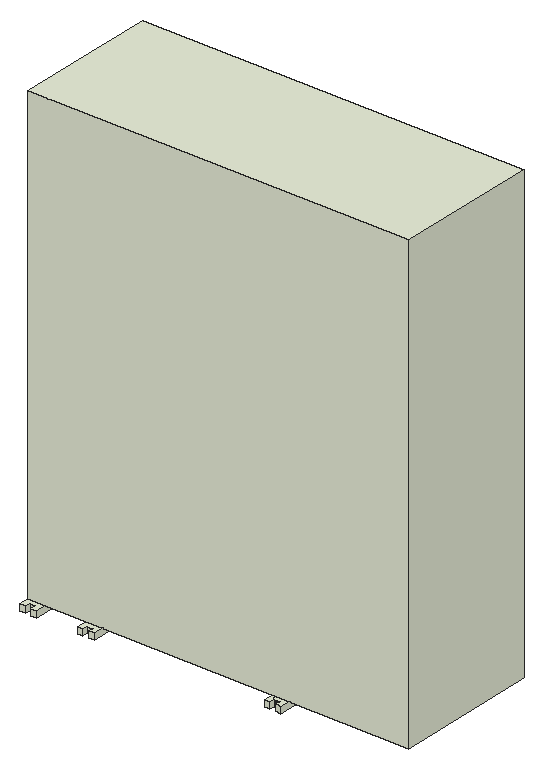
Revit family "Midea_V4+I_Outdoor_MDV-V400W_DRN1(DC50Hz)", category Mechanical Equipment, Revit 2013
Parameters (values of type "MDV-V400W/DRN1")
  clearance access right = 400.000 mm
  clearance access left = 600.000 mm
  clearance access front = 400.000 mm
  clearance access behind = 400.000 mm
  clearance [instance] = no
  Width = 1360.000 mm
  URL = "http://cac.midea.com/mideacac/product/VRF_System/v4_plus_individual_type/201506/t20150610_180809.shtml"
  Series = "V4 Plus"
  Power supply = "380-415V 3N~50Hz"
  Net Weight = 240.00 kg
  Model = "MDV-V400W/DRN1"
  Manufacturer = "Midea"
  Machine material = Galvanized Steel
  Casing color = SB2014
  MFA (Maximum Fuse Amps) = 60 A
  Liquid pipe = 12.700 mm
  Installation = "outdoor installation"
  Height = 1650.000 mm
  Heating Power Input = 11.1 kW
  Heating Capacity = 45 kW
  Gas pipe = 22.200 mm
  MCA (Minimum Circuit Amps) = 42.5 A
  Gas = "R410a"
  Description = "High efficiency air cooled"
  Depth = 540.000 mm
  Cooling Power Input = 11.9 kW
  Cooling Capacity = 45 kW
  Condensation = "air"
  Compressor = "2"
  Air Flow = 16575.000 m³/h
Reference planes
  plane 1 "中心(前/后)": y = 0
  plane 2: z = 0
  plane 3: x = -222
  plane 4: y = -200
  plane 5: y = 214
  plane 6: x = -599.5
  plane 7: x = 760.5
Forms (mm)
  Extrusion 1, solid, material "Galvanized Steel" <- "Machine material", detail levels medium+fine
    sketch origin (0, 8.2, 0) x (1, 0, 0) y (0, 1, 0)
      loop
        line (-599.5, 0) -> (-599.5, -322.2) -> (760.5, -322.2) -> (760.5, 191.8) -> (-599.5, 191.8) -> (-599.5, 0)
    from 22 to 1650
  Extrusion 2, void
    sketch origin (0, 0, 116.036) x (0, 1, 0) y (0, 0, 1)
      loop
        circle (-159.19, 448.964) r 15
    from -294.069 to -246.534
  Extrusion 3, void
    sketch origin (0, 334.19, 121.386) x (0, 1, 0) y (0, 0, 1)
      loop
        circle (-173.453, 443.614) r 15
    from -391.559 to -333.913
  Extrusion 4, solid, material "Galvanized Steel" <- "Machine material", detail levels medium+fine
    sketch origin (-868.7, -45.795, 165.026) x (0, 0, 1) y (-1, 0, 0)
      loop
        line (-143.026, -475) -> (-165.026, -475) -> (-165.026, -535) -> (-143.026, -535) -> (-143.026, -475)
    from -309.795 to 304.205
  Extrusion 5, void
    sketch origin (-868.7, 0, 0) x (0, 1, 0) y (1, 0, 0)
      loop
        line (270, 495) -> (270, 515) -> (247, 515) -> (247, 495) -> (270, 495)
    from -44.461 to 34
  Extrusion 6, void
    sketch origin (-868.7, 0, 0) x (0, 1, 0) y (1, 0, 0)
      loop
        line (-350, 495) -> (-332.084, 495) -> (-332.084, 515) -> (-350, 515) -> (-350, 495)
    from -44.461 to 34
  Extrusion 7, solid, material "Galvanized Steel" <- "Machine material", detail levels fine
    sketch origin (4267.2, 225, 1530.88) x (0, 0, -1) y (-1, 0, 0)
      loop
        line (627.963, 4348.7) -> (28.88, 4348.7) -> (28.88, 3775.7) -> (627.963, 3775.7) -> (627.963, 4348.7)
    from -25 to -11
  Extrusion 8, solid, material "Galvanized Steel" <- "Machine material", detail levels medium+fine
    sketch origin (-1074.5, -45.795, 165.026) x (0, 0, 1) y (-1, 0, 0)
      loop
        line (-143.026, -475) -> (-165.026, -475) -> (-165.026, -535) -> (-143.026, -535) -> (-143.026, -475)
    from -309.795 to 304.205
  Extrusion 9, void
    sketch origin (-1074.5, 0, 0) x (0, 1, 0) y (1, 0, 0)
      loop
        line (270, 495) -> (270, 515) -> (247, 515) -> (247, 495) -> (270, 495)
    from -44.461 to 34
  Extrusion 10, void
    sketch origin (-1074.5, 0, 0) x (0, 1, 0) y (1, 0, 0)
      loop
        line (-350, 495) -> (-332.084, 495) -> (-332.084, 515) -> (-350, 515) -> (-350, 495)
    from -44.461 to 34
  Extrusion 11, solid, material "Galvanized Steel" <- "Machine material", detail levels fine
    sketch origin (4267.2, 225, 141.12) x (0, 0, 1) y (1, 0, 0)
      loop
        line (1360.88, -4402.2) -> (-77.12, -4402.2) -> (-77.12, -4630.9) -> (72.88, -4630.9) -> (72.88, -4831.92) -> (1360.88, -4831.92) -> (1360.88, -4402.2)
    from -25 to -11
  Extrusion 12, void
    sketch origin (121.179, 250, 1200) x (-1, 0, 0) y (0, 0, 1)
      loop
        line (515.593, -452.375) -> (515.593, -517.121) -> (630.338, -517.121) -> (630.338, -452.375) -> (515.593, -452.375)
    from -50 to 88.894
  Extrusion 13, solid, material "Galvanized Steel" <- "Machine material", detail levels medium+fine
    sketch origin (809.3, -45.795, 165.026) x (0, 0, 1) y (-1, 0, 0)
      loop
        line (-143.026, 475) -> (-143.026, 535) -> (-165.026, 535) -> (-165.026, 475) -> (-143.026, 475)
    from -309.795 to 304.205
  Extrusion 14, void
    sketch origin (4621.5, -270, 989.604) x (0, 0, -1) y (-1, 0, 0)
      loop
        line (967.604, 4327.2) -> (967.604, 4307.2) -> (989.604, 4307.2) -> (989.604, 4327.2) -> (967.604, 4327.2)
    from -86.258 to -62.084
  Extrusion 15, void
    sketch origin (4252.7, -270, 989.604) x (0, 0, -1) y (-1, 0, 0)
      loop
        line (971.341, 4842.2) -> (971.341, 4802.2) -> (986.127, 4802.2) -> (986.127, 4842.2) -> (971.341, 4842.2)
    from 0 to 683.68
  Extrusion 16, void
    sketch origin (4621.5, -270, 989.604) x (0, 0, -1) y (-1, 0, 0)
      loop
        line (971.341, 4337.2) -> (971.341, 4297.2) -> (986.127, 4297.2) -> (986.127, 4337.2) -> (971.341, 4337.2)
    from -62.323 to 564.972
  Extrusion 17, void
    sketch origin (3398.5, -270, 989.604) x (0, 0, -1) y (-1, 0, 0)
      loop
        line (971.341, 3782.2) -> (971.341, 3742.2) -> (986.127, 3742.2) -> (986.127, 3782.2) -> (971.341, 3782.2)
    from 0 to 586.895
  Extrusion 18, solid, material "Galvanized Steel" <- "Machine material", detail levels fine
    sketch origin (4267.2, 225, 68.62) x (0, 0, 1) y (1, 0, 0)
      loop
        line (627.963, -4348.7) -> (627.963, -3775.7) -> (28.88, -3775.7) -> (28.88, -4348.7) -> (627.963, -4348.7)
    from -25 to -11
  Extrusion 19, void
    sketch origin (4621.5, 270, 989.604) x (0, 0, -1) y (1, 0, 0)
      loop
        line (967.604, -4327.2) -> (989.604, -4327.2) -> (989.604, -4307.2) -> (967.604, -4307.2) -> (967.604, -4327.2)
    from -33.404 to 23
  Extrusion 20, void
    sketch origin (0, -200, 22) x (0, 0, -1) y (-1, 0, 0)
      loop
        line (-725.625, 394.414) -> (-660.879, 394.414) -> (-660.879, 509.159) -> (-725.625, 509.159) -> (-725.625, 394.414)
    from -64 to 18.623
  Extrusion 21, solid, detail levels medium+fine
    sketch origin (-599.5, 0, 1558) x (0, 0, -1) y (0, 1, 0)
      loop
        circle (1398.461, -40) r 6.35
    from 0 to 34
  Extrusion 22, solid, detail levels medium+fine
    sketch origin (-599.5, 0, 1558) x (0, 0, -1) y (0, 1, 0)
      loop
        circle (1447.985, -40) r 11.1
    from 0 to 34
  Extrusion 23, solid, detail levels medium+fine
    sketch origin (-599.5, 41.781, 1607.793) x (0, 0, -1) y (0, 1, 0)
      loop
        circle (1447.985, -40) r 9.55
    from 0 to 34
Cuts and joins
  Extrusion 2, Extrusion 3, Extrusion 20 cuts Extrusion 1
  Extrusion 5, Extrusion 6, Extrusion 9, Extrusion 17 cuts Extrusion 4
  Extrusion 9, Extrusion 10, Extrusion 15 cuts Extrusion 8
  Extrusion 12 cuts Extrusion 11
  Extrusion 14, Extrusion 16, Extrusion 19 cuts Extrusion 13
Lines and regions (mm)
  symbolic lines, not visible
    curve 1: line (751.5, -283.6, 140) -> (631.5, -283.6, 140)
    curve 2: line (631.5, -283.6, 140) -> (631.5, -263.6, 140)
    curve 3: line (631.5, -263.6, 140) -> (589.074, -306.026, 140)
    curve 4: line (751.5, -328.453, 140) -> (631.5, -328.453, 140)
    curve 5: line (631.5, -328.453, 140) -> (631.5, -348.453, 140)
    curve 6: line (631.5, -348.453, 140) -> (589.074, -306.026, 140)
    curve 7: line (751.5, -283.6, 140) -> (751.5, -328.453, 140)
  model lines, detail levels fine
    curve 8: line (-599.5, 0, 518.191) -> (-599.5, 80, 518.191)
    curve 9: line (-599.5, 80, 518.191) -> (-599.5, 80, 218.191)
    curve 10: line (-599.5, 80, 218.191) -> (-599.5, -80, 218.191)
    curve 11: line (-599.5, -80, 218.191) -> (-599.5, -80, 518.191)
    curve 12: line (-599.5, -80, 518.191) -> (-599.5, 0, 518.191)
    curve 13: line (-599.5, -80, 498.191) -> (-599.5, 80, 498.191)
    curve 14: line (-599.5, -80, 478.191) -> (-599.5, 80, 478.191)
    curve 15: line (-599.5, -80, 458.191) -> (-599.5, 80, 458.191)
    curve 16: line (-599.5, -80, 438.191) -> (-599.5, 80, 438.191)
    curve 17: line (-599.5, -80, 418.191) -> (-599.5, 80, 418.191)
    curve 18: line (-599.5, -80, 398.191) -> (-599.5, 80, 398.191)
    curve 19: line (-599.5, -80, 378.191) -> (-599.5, 80, 378.191)
    curve 20: line (-599.5, -80, 358.191) -> (-599.5, 80, 358.191)
    curve 21: line (-599.5, -80, 338.191) -> (-599.5, 80, 338.191)
    curve 22: line (-599.5, -80, 318.191) -> (-599.5, 80, 318.191)
    curve 23: line (-599.5, -80, 298.191) -> (-599.5, 80, 298.191)
    curve 24: line (-599.5, -80, 278.191) -> (-599.5, 80, 278.191)
    curve 25: line (-599.5, -80, 258.191) -> (-599.5, 80, 258.191)
    curve 26: line (-599.5, -80, 238.191) -> (-599.5, 80, 238.191)
    curve 27: line (-599.5, -80, 218.191) -> (-599.5, 80, 218.191)
    curve 28: line (-599.5, 150.011, 180) -> (-599.5, 150.011, 64)
    curve 29: line (-599.5, 80, 180) -> (-599.5, 150.011, 180)
    curve 30: line (-599.5, 80, 64) -> (-599.5, 80, 180)
    curve 31: line (-599.5, 150.011, 64) -> (-599.5, 80, 64)
    curve 33: line (-438.5, 214, 1119.013) -> (-238.035, 214, 1003.275)
    curve 34: line (-455, 214, 1090.434) -> (-254.535, 214, 974.696)
    curve 35: arc (-455, 214, 1090.434) -> (-461.039, 214, 1112.974) -> (-438.5, 214, 1119.013) r 16.5
    curve 36: arc (-254.535, 214, 974.696) -> (-243.488, 214, 972.724) -> (-233.734, 214, 978.275) r 16.5
    curve 37: line (-233.734, 214, 978.275) -> (-194.247, 214, 955.477)
    curve 38: arc (-230.734, 214, 983.471) -> (-230.804, 214, 994.693) -> (-238.035, 214, 1003.275) r 16.5
    curve 39: line (-230.734, 214, 983.471) -> (-189.216, 214, 959.5)
    curve 40: circle (205, 214, 397) r 60 normal (0, -1, 0)
    curve 41: circle (205, 214, 397) r 80 normal (0, -1, 0)
    curve 42: circle (205, 214, 397) r 100 normal (0, -1, 0)
    curve 43: circle (205, 214, 397) r 120 normal (0, -1, 0)
    curve 44: circle (205, 214, 397) r 140 normal (0, -1, 0)
    curve 45: circle (205, 214, 397) r 160 normal (0, -1, 0)
    curve 46: circle (205, 214, 397) r 180 normal (0, -1, 0)
    curve 47: circle (205, 214, 397) r 200 normal (0, -1, 0)
    curve 48: circle (205, 214, 397) r 220 normal (0, -1, 0)
    curve 49: circle (205, 214, 397) r 240 normal (0, -1, 0)
    curve 50: circle (205, 214, 397) r 260 normal (0, -1, 0)
    curve 51: arc (271.982, 214, 125.13) -> (389.888, 214, 186.723) -> (466.063, 214, 295.777) r 280
    curve 52: arc (409.173, 214, 125.13) -> (439.478, 214, 150.789) -> (466.585, 214, 179.806) r 340
    curve 53: arc (156.323, 214, 432.079) -> (97.265, 214, 543.042) -> (113.864, 214, 667.641) r 205.533
    curve 54: arc (209.932, 214, 456.797) -> (249.977, 214, 572.528) -> (326.048, 214, 668.5) r 365
    curve 55: arc (240.079, 214, 445.677) -> (345.721, 214, 503.703) -> (465.73, 214, 492.524) r 205.533
    curve 56: arc (264.797, 214, 392.068) -> (374.078, 214, 355.477) -> (466.504, 214, 286.638) r 365
    curve 57: arc (169.921, 214, 348.323) -> (62.005, 214, 289.838) -> (-60, 214, 303.29) r 205.533
    curve 58: arc (145.203, 214, 401.932) -> (33.502, 214, 439.799) -> (-60.292, 214, 511.31) r 365
    curve 59: arc (332.623, 214, 125.5) -> (409.353, 214, 177.364) -> (466.607, 214, 250.161) r 300
    curve 60: arc (-60.433, 214, 184.526) -> (-31.461, 214, 152.692) -> (1.301, 214, 124.774) r 340
    curve 61: arc (-60.381, 214, 218.191) -> (-17.011, 214, 166.542) -> (36.22, 214, 125.13) r 320
    curve 62: arc (-60, 214, 256.376) -> (-3.218, 214, 181.025) -> (74.16, 214, 127.035) r 300
    curve 63: arc (0.335, 214, 668.5) -> (-31.296, 214, 641.467) -> (-59.388, 214, 610.773) r 340
    curve 64: arc (35.625, 214, 668.5) -> (-17.018, 214, 627.451) -> (-60, 214, 576.374) r 320
    curve 65: arc (77.377, 214, 668.5) -> (-1.638, 214, 614.487) -> (-59.62, 214, 538.338) r 300
    curve 66: arc (136.533, 214, 668.5) -> (14.771, 214, 602.458) -> (-60.434, 214, 486.132) r 280
    curve 67: arc (465.164, 214, 615.894) -> (438.898, 214, 643.762) -> (409.665, 214, 668.5) r 340
    curve 68: arc (466.063, 214, 582.057) -> (424.516, 214, 629.836) -> (374.375, 214, 668.5) r 320
    curve 69: arc (466.063, 214, 544.804) -> (408.947, 214, 617.013) -> (332.623, 214, 668.5) r 300
    curve 70: arc (466.063, 214, 498.223) -> (390.462, 214, 606.771) -> (273.467, 214, 668.5) r 280
    curve 71: arc (-60, 214, 306.584) -> (15.832, 214, 190.565) -> (138.018, 214, 125.13) r 280
    curve 72: arc (200.068, 214, 337.203) -> (160.117, 214, 221.642) -> (84.241, 214, 125.76) r 365
    curve 73: line (466.063, 214, 125.13) -> (-60, 214, 125.13)
    curve 74: line (-60, 214, 125.13) -> (-60, 214, 668.5)
    curve 75: arc (384.26, 214, 131.923) -> (428.767, 214, 168.246) -> (466.063, 214, 211.943) r 320
    curve 76: line (466.063, 214, 125.13) -> (466.063, 214, 668.5)
    curve 77: line (466.063, 214, 668.5) -> (-60, 214, 668.5)
    curve 78: arc (234.916, 214, 344.99) -> (292.286, 214, 242.391) -> (284.044, 214, 125.13) r 205.533
    curve 79: circle (205, 214, 1199.791) r 60 normal (0, 1, 0)
    curve 80: circle (205, 214, 1199.791) r 80 normal (0, 1, 0)
    curve 81: circle (205, 214, 1199.791) r 100 normal (0, 1, 0)
    curve 82: circle (205, 214, 1199.791) r 120 normal (0, 1, 0)
    curve 83: circle (205, 214, 1199.791) r 140 normal (0, 1, 0)
    curve 84: circle (205, 214, 1199.791) r 160 normal (0, 1, 0)
    curve 85: circle (205, 214, 1199.791) r 180 normal (0, 1, 0)
    curve 86: circle (205, 214, 1199.791) r 200 normal (0, 1, 0)
    curve 87: circle (205, 214, 1199.791) r 220 normal (0, 1, 0)
    curve 88: circle (205, 214, 1199.791) r 240 normal (0, 1, 0)
    curve 89: circle (205, 214, 1199.791) r 260 normal (0, 1, 0)
    curve 90: arc (271.982, 214, 1471.661) -> (389.888, 214, 1410.068) -> (466.063, 214, 1301.014) r 280
    curve 91: arc (409.173, 214, 1471.661) -> (439.478, 214, 1446.002) -> (466.585, 214, 1416.985) r 340
    curve 92: arc (156.323, 214, 1164.712) -> (97.265, 214, 1053.749) -> (113.864, 214, 929.15) r 205.533
    curve 93: arc (209.932, 214, 1139.994) -> (249.977, 214, 1024.263) -> (326.048, 214, 928.291) r 365
    curve 94: arc (240.079, 214, 1151.114) -> (345.721, 214, 1093.088) -> (465.73, 214, 1104.267) r 205.533
    curve 95: arc (264.797, 214, 1204.722) -> (374.078, 214, 1241.314) -> (466.504, 214, 1310.153) r 365
    curve 96: arc (169.921, 214, 1248.468) -> (62.005, 214, 1306.953) -> (-60, 214, 1293.501) r 205.533
    curve 97: arc (145.203, 214, 1194.859) -> (33.502, 214, 1156.992) -> (-60.292, 214, 1085.481) r 365
    curve 98: arc (332.623, 214, 1471.291) -> (409.353, 214, 1419.426) -> (466.607, 214, 1346.63) r 300
    curve 99: arc (-60.433, 214, 1412.265) -> (-31.461, 214, 1444.099) -> (1.301, 214, 1472.017) r 340
    curve 100: arc (-60.381, 214, 1378.6) -> (-17.011, 214, 1430.249) -> (36.22, 214, 1471.661) r 320
    curve 101: arc (-60, 214, 1340.415) -> (-3.218, 214, 1415.766) -> (74.16, 214, 1469.756) r 300
    curve 102: arc (0.335, 214, 928.291) -> (-31.296, 214, 955.324) -> (-59.388, 214, 986.018) r 340
    curve 103: arc (35.625, 214, 928.291) -> (-17.018, 214, 969.339) -> (-60, 214, 1020.417) r 320
    curve 104: arc (77.377, 214, 928.291) -> (-1.638, 214, 982.304) -> (-59.62, 214, 1058.453) r 300
    curve 105: arc (136.533, 214, 928.291) -> (14.771, 214, 994.333) -> (-60.434, 214, 1110.659) r 280
    curve 106: arc (465.164, 214, 980.897) -> (438.898, 214, 953.029) -> (409.665, 214, 928.291) r 340
    curve 107: arc (466.063, 214, 1014.734) -> (424.516, 214, 966.955) -> (374.375, 214, 928.291) r 320
    curve 108: arc (466.063, 214, 1051.987) -> (408.947, 214, 979.778) -> (332.623, 214, 928.291) r 300
    curve 109: arc (466.063, 214, 1098.568) -> (390.462, 214, 990.02) -> (273.467, 214, 928.291) r 280
    curve 110: arc (-60, 214, 1290.207) -> (15.832, 214, 1406.226) -> (138.018, 214, 1471.661) r 280
    curve 111: arc (200.068, 214, 1259.588) -> (160.117, 214, 1375.149) -> (84.241, 214, 1471.031) r 365
    curve 112: line (466.063, 214, 1471.661) -> (-60, 214, 1471.661)
    curve 113: line (-60, 214, 1471.661) -> (-60, 214, 928.291)
    curve 114: arc (384.26, 214, 1464.868) -> (428.767, 214, 1428.544) -> (466.063, 214, 1384.848) r 320
    curve 115: line (466.063, 214, 1471.661) -> (466.063, 214, 928.291)
    curve 116: line (466.063, 214, 928.291) -> (-60, 214, 928.291)
    curve 117: arc (234.916, 214, 1251.801) -> (292.286, 214, 1354.4) -> (284.044, 214, 1471.661) r 205.533
    curve 118: line (491.5, 200, 843.732) -> (346.5, 200, 843.732)
    curve 119: line (491.5, 200, 755.768) -> (491.5, 200, 843.732)
    curve 120: line (346.5, 200, 755.768) -> (491.5, 200, 755.768)
    curve 121: line (346.5, 200, 843.732) -> (346.5, 200, 755.768)
    curve 122: line (287.279, 200, 817.219) -> (-81.5, 200, 817.219)
    curve 123: line (287.279, 200, 782.281) -> (287.279, 200, 817.219)
    curve 124: line (-81.5, 200, 782.281) -> (287.279, 200, 782.281)
    curve 125: line (-81.5, 200, 817.219) -> (-81.5, 200, 782.281)
    curve 126: line (-438.5, 214, 1244.013) -> (-238.035, 214, 1128.275)
    curve 127: line (-455, 214, 1215.434) -> (-254.535, 214, 1099.696)
    curve 128: arc (-455, 214, 1215.434) -> (-461.039, 214, 1237.974) -> (-438.5, 214, 1244.013) r 16.5
    curve 129: line (-438.5, 214, 1369.013) -> (-238.035, 214, 1253.275)
    curve 130: line (-455, 214, 1340.434) -> (-254.535, 214, 1224.696)
    curve 131: arc (-455, 214, 1340.434) -> (-461.039, 214, 1362.974) -> (-438.5, 214, 1369.013) r 16.5
    curve 132: arc (-238.035, 214, 1253.275) -> (-231.996, 214, 1230.735) -> (-254.535, 214, 1224.696) r 16.5
    curve 133: arc (-238.035, 214, 1128.275) -> (-231.996, 214, 1105.735) -> (-254.535, 214, 1099.696) r 16.5
    curve 134: line (-438.5, 214, 480.487) -> (-238.035, 214, 596.225)
    curve 135: line (-455, 214, 509.066) -> (-254.535, 214, 624.804)
    curve 136: arc (-455, 214, 509.066) -> (-461.039, 214, 486.526) -> (-438.5, 214, 480.487) r 16.5
    curve 137: arc (-254.535, 214, 624.804) -> (-243.488, 214, 626.776) -> (-233.734, 214, 621.225) r 16.5
    curve 138: line (-233.734, 214, 621.225) -> (-194.247, 214, 644.023)
    curve 139: arc (-230.734, 214, 616.029) -> (-230.804, 214, 604.807) -> (-238.035, 214, 596.225) r 16.5
    curve 140: line (-230.734, 214, 616.029) -> (-189.216, 214, 640)
    curve 141: line (-438.5, 214, 355.487) -> (-238.035, 214, 471.225)
    curve 142: line (-455, 214, 384.066) -> (-254.535, 214, 499.804)
    curve 143: arc (-455, 214, 384.066) -> (-461.039, 214, 361.526) -> (-438.5, 214, 355.487) r 16.5
    curve 144: line (-438.5, 214, 230.487) -> (-238.035, 214, 346.225)
    curve 145: line (-455, 214, 259.066) -> (-254.535, 214, 374.804)
    curve 146: arc (-455, 214, 259.066) -> (-461.039, 214, 236.526) -> (-438.5, 214, 230.487) r 16.5
    curve 147: arc (-238.035, 214, 346.225) -> (-231.996, 214, 368.765) -> (-254.535, 214, 374.804) r 16.5
    curve 148: arc (-238.035, 214, 471.225) -> (-231.996, 214, 493.765) -> (-254.535, 214, 499.804) r 16.5
    curve 149: line (-194.247, 214, 955.477) -> (-194.247, 214, 644.023)
    curve 150: line (-189.216, 214, 959.5) -> (-189.216, 214, 640)
    curve 151: line (-599.5, 20, 929.15) -> (-599.5, 20, 1472.017)
    curve 152: line (-599.5, -20, 1472.017) -> (-599.5, -20, 929.15)
    curve 153: line (-599.5, 80, 929.15) -> (-599.5, 80, 1472.017)
    curve 154: line (-599.5, 40, 1472.017) -> (-599.5, 40, 929.15)
    curve 155: arc (-599.5, -20, 1472.017) -> (-599.5, 0, 1492.017) -> (-599.5, 20, 1472.017) r 20
    curve 156: arc (-599.5, 40, 1472.017) -> (-599.5, 60, 1492.017) -> (-599.5, 80, 1472.017) r 20
    curve 157: arc (-599.5, 40, 929.15) -> (-599.5, 60, 909.15) -> (-599.5, 80, 929.15) r 20
    curve 158: arc (-599.5, -20, 929.15) -> (-599.5, 0, 909.15) -> (-599.5, 20, 929.15) r 20
    curve 159: line (-599.5, -80, 929.15) -> (-599.5, -80, 1472.017)
    curve 160: line (-599.5, -40, 1472.017) -> (-599.5, -40, 929.15)
    curve 161: arc (-599.5, -40, 1472.017) -> (-599.5, -60, 1492.017) -> (-599.5, -80, 1472.017) r 20
    curve 162: arc (-599.5, -40, 929.15) -> (-599.5, -60, 909.15) -> (-599.5, -80, 929.15) r 20
  reference lines
    curve 32: line (-579.5, 250, 0) -> (-579.5, 247, 0)
  model lines
    curve 163: circle (-599.5, -40, 110.015) r 9.55 normal (1, 0, 0)
    curve 164: line (760.5, -314, 1650) -> (760.5, 200, 1650)
    curve 165: line (760.5, 200, 1650) -> (-599.5, 200, 1650)
    curve 166: line (-599.5, 200, 1650) -> (-599.5, -314, 1650)
    curve 167: line (-599.5, -314, 1650) -> (760.5, -314, 1650)
    curve 168: line (760.5, -314, 22) -> (760.5, 200, 22)
    curve 169: line (760.5, 200, 22) -> (-599.5, 200, 22)
    curve 170: line (-599.5, 200, 22) -> (-599.5, -314, 22)
    curve 171: line (-599.5, -314, 22) -> (760.5, -314, 22)
    curve 172: line (-599.5, 200, 1650) -> (-599.5, 200, 22)
    curve 173: line (-599.5, -314, 22) -> (-599.5, -314, 1650)
    curve 174: line (760.5, 200, 1650) -> (760.5, 200, 22)
    curve 175: line (760.5, -314, 22) -> (760.5, -314, 1650)
Dimensions and locks
  cut or joined group of Extrusion 1, Extrusion 2, Extrusion 3, Extrusion 20 to cut or joined group of Extrusion 1, Extrusion 2, Extrusion 3, Extrusion 20 = 1360.000 mm
  "Depth": cut or joined group of Extrusion 1, Extrusion 2, Extrusion 3, Extrusion 20 to nested 1
  "Height": level to cut or joined group of Extrusion 1, Extrusion 2, Extrusion 3, Extrusion 20
  "Width": cut or joined group of Extrusion 1, Extrusion 2, Extrusion 3, Extrusion 20 to cut or joined group of Extrusion 1, Extrusion 2, Extrusion 3, Extrusion 20
  "clearance access right": nested 3 to nested 3
  "clearance access left": nested 4 to cut or joined group of Extrusion 1, Extrusion 2, Extrusion 3, Extrusion 20
  "clearance access front": nested 1 to nested 1
  "Liquid pipe": diameter of Extrusion 21
  "Gas pipe": diameter of Extrusion 22
  aligned and locked: level to plane 2
Automatic sketch dimensions
  Extrusion 1 sketch curve to plane 6 = 0.000 mm
  plane 4 to Extrusion 1 sketch curve = 114.000 mm
  Extrusion 1 sketch curve to plane 1 "中心(前/后)" = 8.200 mm
  Extrusion 1 sketch curve to plane 3 = 982.500 mm
  Extrusion 2 sketch curve to plane 4 = 40.810 mm
  level to Extrusion 2 sketch curve = 565.000 mm
  level to Extrusion 3 sketch curve = 565.000 mm
  Extrusion 4 sketch curve to level = 0.000 mm
  level to Extrusion 4 sketch curve = 22.000 mm
  plane 3 to Extrusion 4 sketch curve = 111.700 mm
  Extrusion 4 sketch curve to Extrusion 4 sketch curve = 60.000 mm
  Extrusion 5 sketch curve to plane 5 = 33.000 mm
  Extrusion 5 sketch curve to plane 5 = 56.000 mm
  plane 3 to Extrusion 5 sketch curve = 131.700 mm
  Extrusion 5 sketch curve to Extrusion 5 sketch curve = 20.000 mm
  plane 4 to Extrusion 6 sketch curve = 150.000 mm
  plane 3 to Extrusion 6 sketch curve = 131.700 mm
  Extrusion 6 sketch curve to Extrusion 6 sketch curve = 17.916 mm
  Extrusion 6 sketch curve to Extrusion 6 sketch curve = 20.000 mm
  plane 6 to curve 32 = 20.000 mm
  curve 32 to plane 5 = 33.000 mm
  curve 32 to curve 32 = 3.000 mm
  Extrusion 7 sketch curve to plane 3 = 713.500 mm
  Extrusion 7 sketch curve to plane 3 = 140.500 mm
  Extrusion 7 sketch curve to Extrusion 7 sketch curve = 599.082 mm
  Extrusion 8 sketch curve to level = 0.000 mm
  plane 6 to Extrusion 8 sketch curve = 0.000 mm
  level to Extrusion 8 sketch curve = 22.000 mm
  plane 6 to Extrusion 8 sketch curve = 60.000 mm
  Extrusion 9 sketch curve to plane 5 = 33.000 mm
  plane 6 to Extrusion 9 sketch curve = 40.000 mm
  Extrusion 9 sketch curve to Extrusion 9 sketch curve = 23.000 mm
  plane 6 to Extrusion 9 sketch curve = 20.000 mm
  plane 6 to Extrusion 10 sketch curve = 20.000 mm
  plane 4 to Extrusion 10 sketch curve = 150.000 mm
  plane 6 to Extrusion 10 sketch curve = 40.000 mm
  Extrusion 10 sketch curve to Extrusion 10 sketch curve = 17.916 mm
  level to Extrusion 11 sketch curve = 64.000 mm
  plane 6 to Extrusion 11 sketch curve = 34.780 mm
  Extrusion 11 sketch curve to Extrusion 11 sketch curve = 150.000 mm
  plane 3 to Extrusion 11 sketch curve = 141.700 mm
  Extrusion 11 sketch curve to plane 3 = 87.000 mm
  plane 3 to Extrusion 12 sketch curve = 172.414 mm
  level to Extrusion 12 sketch curve = 682.879 mm
  plane 6 to Extrusion 12 sketch curve = 90.341 mm
  Extrusion 12 sketch curve to Extrusion 12 sketch curve = 64.746 mm
  Extrusion 13 sketch curve to level = 0.000 mm
  Extrusion 13 sketch curve to plane 3 = 556.300 mm
  level to Extrusion 13 sketch curve = 22.000 mm
  Extrusion 13 sketch curve to Extrusion 13 sketch curve = 60.000 mm
  Extrusion 14 sketch curve to level = 0.000 mm
  Extrusion 14 sketch curve to level = 22.000 mm
  plane 3 to Extrusion 14 sketch curve = 516.300 mm
  Extrusion 14 sketch curve to Extrusion 14 sketch curve = 20.000 mm
  Extrusion 15 sketch curve to level = 18.263 mm
  Extrusion 15 sketch curve to level = 3.477 mm
  Extrusion 15 sketch curve to plane 6 = 10.000 mm
  Extrusion 15 sketch curve to Extrusion 15 sketch curve = 40.000 mm
  Extrusion 16 sketch curve to level = 18.263 mm
  Extrusion 16 sketch curve to level = 3.477 mm
  plane 3 to Extrusion 16 sketch curve = 506.300 mm
  Extrusion 16 sketch curve to Extrusion 16 sketch curve = 40.000 mm
  Extrusion 17 sketch curve to level = 18.263 mm
  Extrusion 17 sketch curve to level = 3.477 mm
  Extrusion 17 sketch curve to plane 3 = 161.700 mm
  Extrusion 17 sketch curve to Extrusion 17 sketch curve = 40.000 mm
  level to Extrusion 18 sketch curve = 97.500 mm
  Extrusion 18 sketch curve to plane 3 = 140.500 mm
  Extrusion 18 sketch curve to Extrusion 18 sketch curve = 599.082 mm
  Extrusion 18 sketch curve to Extrusion 18 sketch curve = 573.000 mm
  curve 8 to plane 1 "中心(前/后)" = 0.000 mm
  level to curve 8 = 518.191 mm
  plane 1 "中心(前/后)" to curve 11 = 80.000 mm
  level to curve 11 = 218.191 mm
  curve 27 to curve 29 = 38.191 mm
  level to curve 31 = 64.000 mm
  curve 8 to curve 13 = 20.000 mm
  curve 13 to curve 14 = 20.000 mm
  curve 14 to curve 15 = 20.000 mm
  curve 15 to curve 16 = 20.000 mm
  curve 16 to curve 17 = 20.000 mm
  curve 17 to curve 18 = 20.000 mm
  curve 18 to curve 19 = 20.000 mm
  curve 19 to curve 20 = 20.000 mm
  curve 20 to curve 21 = 20.000 mm
  curve 21 to curve 22 = 20.000 mm
  curve 22 to curve 23 = 20.000 mm
  curve 23 to curve 24 = 20.000 mm
  curve 24 to curve 25 = 20.000 mm
  curve 26 to curve 10 = 20.000 mm
  curve 8 to plane 1 "中心(前/后)" = 80.000 mm
  curve 30 to curve 27 = 0.000 mm
  Extrusion 19 sketch curve to level = 0.000 mm
  level to Extrusion 19 sketch curve = 22.000 mm
  Extrusion 19 sketch curve to plane 3 = 516.300 mm
  Extrusion 19 sketch curve to Extrusion 19 sketch curve = 20.000 mm
  curve 36 to curve 38 = 0.000 mm  (x3)
  curve 40 to curve 41 = 0.000 mm  (x3)
  curve 40 to curve 42 = 0.000 mm  (x3)
  curve 40 to curve 43 = 0.000 mm  (x3)
  curve 40 to curve 44 = 0.000 mm  (x3)
  curve 40 to curve 45 = 0.000 mm  (x3)
  curve 40 to curve 46 = 0.000 mm  (x3)
  curve 40 to curve 47 = 0.000 mm  (x3)
  curve 40 to curve 48 = 0.000 mm  (x3)
  curve 40 to curve 49 = 0.000 mm  (x3)
  curve 40 to curve 50 = 0.000 mm  (x3)
  curve 40 to curve 51 = 0.000 mm  (x3)
  curve 40 to curve 52 = 0.000 mm  (x3)
  curve 40 to curve 59 = 0.000 mm  (x3)
  curve 40 to curve 60 = 0.000 mm  (x3)
  curve 40 to curve 61 = 0.000 mm  (x3)
  curve 40 to curve 62 = 0.000 mm  (x3)
  curve 40 to curve 63 = 0.000 mm  (x3)
  curve 40 to curve 64 = 0.000 mm  (x3)
  curve 40 to curve 65 = 0.000 mm  (x3)
  curve 40 to curve 66 = 0.000 mm  (x3)
  curve 40 to curve 67 = 0.000 mm  (x3)
  curve 40 to curve 68 = 0.000 mm  (x3)
  curve 40 to curve 69 = 0.000 mm  (x3)
  curve 40 to curve 70 = 0.000 mm  (x3)
  curve 40 to curve 71 = 0.000 mm  (x3)
  curve 40 to curve 75 = 0.000 mm  (x3)
  curve 79 to curve 80 = 0.000 mm  (x3)
  curve 79 to curve 81 = 0.000 mm  (x3)
  curve 79 to curve 82 = 0.000 mm  (x3)
  curve 79 to curve 83 = 0.000 mm  (x3)
  curve 79 to curve 84 = 0.000 mm  (x3)
  curve 79 to curve 85 = 0.000 mm  (x3)
  curve 79 to curve 86 = 0.000 mm  (x3)
  curve 79 to curve 87 = 0.000 mm  (x3)
  curve 79 to curve 88 = 0.000 mm  (x3)
  curve 79 to curve 89 = 0.000 mm  (x3)
  curve 79 to curve 90 = 0.000 mm  (x3)
  curve 79 to curve 91 = 0.000 mm  (x3)
  curve 79 to curve 98 = 0.000 mm  (x3)
  curve 79 to curve 99 = 0.000 mm  (x3)
  curve 79 to curve 100 = 0.000 mm  (x3)
  curve 79 to curve 101 = 0.000 mm  (x3)
  curve 79 to curve 102 = 0.000 mm  (x3)
  curve 79 to curve 103 = 0.000 mm  (x3)
  curve 79 to curve 104 = 0.000 mm  (x3)
  curve 79 to curve 105 = 0.000 mm  (x3)
  curve 79 to curve 106 = 0.000 mm  (x3)
  curve 79 to curve 107 = 0.000 mm  (x3)
  curve 79 to curve 108 = 0.000 mm  (x3)
  curve 79 to curve 109 = 0.000 mm  (x3)
  curve 79 to curve 110 = 0.000 mm  (x3)
  curve 79 to curve 114 = 0.000 mm  (x3)
  curve 137 to curve 139 = 0.000 mm  (x3)
  plane 6 to curve 127 = 144.500 mm
  plane 6 to curve 145 = 144.500 mm
  curve 34 to curve 128 = 0.000 mm
  plane 6 to curve 135 = 144.500 mm
  curve 127 to curve 130 = 0.000 mm
  curve 146 to curve 142 = 0.000 mm
  curve 34 to curve 33 = 16.500 mm
  curve 142 to curve 141 = 16.500 mm
  curve 127 to curve 126 = 16.500 mm
  curve 135 to curve 134 = 16.500 mm
  curve 130 to curve 129 = 16.500 mm
  curve 145 to curve 144 = 16.500 mm
  plane 3 to curve 135 = 32.535 mm
  plane 3 to curve 34 = 32.535 mm
  plane 3 to curve 33 = 16.035 mm
  plane 3 to curve 134 = 16.035 mm
  plane 3 to curve 37 = 11.734 mm
  plane 3 to curve 138 = 11.734 mm
  curve 36 to curve 39 = 3.000 mm
  curve 138 to curve 140 = 3.000 mm
  curve 113 to plane 3 = 162.000 mm
  curve 77 to plane 3 = 162.000 mm
  curve 113 to curve 115 = 526.063 mm
  level to curve 73 = 125.130 mm
  curve 73 to curve 73 = 526.063 mm
  curve 135 to curve 136 = 8.250 mm
  curve 130 to curve 131 = 8.250 mm
  curve 142 to curve 143 = 8.250 mm
  curve 145 to curve 146 = 8.250 mm
  curve 127 to curve 128 = 8.250 mm
  curve 34 to curve 35 = 8.250 mm
  plane 3 to curve 127 = 32.535 mm
  plane 3 to curve 142 = 32.535 mm
  plane 3 to curve 130 = 32.535 mm
  plane 3 to curve 145 = 32.535 mm
  curve 135 to curve 139 = 8.250 mm
  curve 34 to curve 36 = 8.250 mm
  plane 3 to curve 126 = 16.035 mm
  plane 3 to curve 129 = 16.035 mm
  plane 3 to curve 144 = 16.035 mm
  plane 3 to curve 141 = 16.035 mm
  curve 138 to plane 3 = 27.753 mm
  curve 37 to plane 3 = 27.753 mm
  curve 37 to curve 39 = 5.031 mm
  curve 138 to curve 140 = 5.031 mm
  curve 72 to plane 3 = 62.000 mm
  curve 111 to plane 3 = 62.000 mm
  curve 105 to curve 103 = 0.434 mm
  curve 66 to curve 64 = 0.434 mm
  curve 60 to curve 73 = 0.433 mm
  curve 99 to curve 112 = 0.433 mm
  curve 60 to curve 61 = 0.052 mm
  curve 99 to curve 100 = 0.052 mm
  curve 105 to curve 97 = 0.143 mm
  curve 66 to curve 58 = 0.143 mm
  curve 58 to curve 65 = 0.672 mm
  curve 97 to curve 104 = 0.672 mm
  curve 103 to curve 102 = 0.612 mm
  curve 64 to curve 63 = 0.612 mm
  curve 113 to curve 102 = 60.335 mm
  curve 74 to curve 63 = 60.335 mm
  curve 73 to curve 60 = 61.301 mm
  curve 112 to curve 99 = 61.301 mm
  curve 105 to curve 96 = 82.934 mm
  curve 66 to curve 57 = 82.934 mm
  curve 63 to curve 64 = 35.290 mm
  curve 102 to curve 103 = 35.290 mm
  curve 60 to curve 61 = 34.919 mm
  curve 99 to curve 100 = 34.919 mm
  curve 61 to curve 62 = 37.940 mm
  curve 100 to curve 101 = 37.940 mm
  curve 103 to curve 104 = 41.751 mm
  curve 64 to curve 65 = 41.751 mm
  curve 101 to curve 111 = 10.081 mm
  curve 62 to curve 72 = 10.081 mm
  curve 72 to curve 78 = 7.459 mm
  curve 111 to curve 117 = 7.459 mm
  curve 65 to curve 53 = 36.488 mm
  curve 104 to curve 92 = 36.488 mm
  curve 53 to curve 66 = 22.669 mm
  curve 92 to curve 105 = 22.669 mm
  curve 72 to curve 71 = 53.777 mm
  curve 111 to curve 110 = 53.777 mm
  curve 57 to curve 58 = 122.703 mm
  curve 96 to curve 97 = 122.703 mm
  curve 58 to curve 53 = 11.120 mm
  curve 97 to curve 92 = 11.120 mm
  curve 97 to curve 96 = 24.718 mm
  curve 58 to curve 57 = 24.718 mm
  curve 57 to curve 72 = 30.147 mm
  curve 96 to curve 111 = 30.147 mm
  curve 72 to curve 43 = 4.932 mm
  curve 110 to curve 95 = 66.982 mm
  curve 96 to curve 80 = 35.079 mm
  curve 105 to curve 97 = 68.467 mm
  curve 58 to curve 97 = 0.000 mm
  level to curve 56 = 32.000 mm
  curve 71 to curve 56 = 66.982 mm
  curve 53 to curve 54 = 53.609 mm
  curve 92 to curve 93 = 53.609 mm
  curve 111 to curve 117 = 34.847 mm
  curve 72 to curve 78 = 34.847 mm
  curve 93 to curve 94 = 30.147 mm
  curve 54 to curve 55 = 30.147 mm
  curve 117 to curve 95 = 29.881 mm
  curve 78 to curve 56 = 29.881 mm
  curve 56 to curve 51 = 66.982 mm
  curve 95 to curve 90 = 66.982 mm
  curve 97 to curve 109 = 68.467 mm
  curve 58 to curve 70 = 68.467 mm
  curve 90 to curve 117 = 12.062 mm
  curve 51 to curve 78 = 12.062 mm
  curve 109 to curve 92 = 26.071 mm
  curve 70 to curve 53 = 26.071 mm
  curve 109 to curve 93 = 52.581 mm
  curve 70 to curve 54 = 52.581 mm
  curve 54 to curve 69 = 6.576 mm
  curve 78 to curve 59 = 48.579 mm
  curve 93 to curve 108 = 6.576 mm
  curve 117 to curve 98 = 48.579 mm
  curve 69 to curve 68 = 41.751 mm
  curve 108 to curve 107 = 41.751 mm
  curve 98 to curve 114 = 51.636 mm
  curve 59 to curve 75 = 51.636 mm
  curve 94 to curve 90 = 78.563 mm
  curve 55 to curve 51 = 78.563 mm
  curve 114 to curve 91 = 24.913 mm
  curve 75 to curve 52 = 24.913 mm
  curve 107 to curve 106 = 35.290 mm
  curve 68 to curve 67 = 35.290 mm
  curve 67 to curve 68 = 0.899 mm
  curve 106 to curve 107 = 0.899 mm
  curve 94 to curve 109 = 0.333 mm
  curve 55 to curve 70 = 0.333 mm
  curve 51 to curve 56 = 0.441 mm
  curve 90 to curve 95 = 0.441 mm
  curve 75 to curve 52 = 0.522 mm
  curve 114 to curve 91 = 0.522 mm
  curve 95 to curve 98 = 0.103 mm
  curve 56 to curve 59 = 0.103 mm
  curve 94 to curve 93 = 104.270 mm
  curve 55 to curve 54 = 104.270 mm
  curve 131 to curve 130 = 28.579 mm
  curve 131 to curve 126 = 96.421 mm
  curve 128 to curve 127 = 28.579 mm
  curve 128 to curve 33 = 96.421 mm
  curve 35 to curve 34 = 28.579 mm
  curve 33 to curve 33 = 115.738 mm
  curve 33 to curve 39 = 19.804 mm
  curve 38 to curve 37 = 5.196 mm
  curve 39 to curve 116 = 55.180 mm
  curve 113 to curve 77 = 259.791 mm
  curve 74 to curve 135 = 43.696 mm
  curve 137 to curve 138 = 3.579 mm
  curve 138 to curve 140 = 5.196 mm
  curve 135 to curve 135 = 115.738 mm
  curve 135 to curve 134 = 28.579 mm
  curve 134 to curve 142 = 96.421 mm  (x2)
  curve 142 to curve 141 = 28.579 mm  (x2)
  curve 141 to curve 145 = 96.421 mm
  curve 145 to curve 144 = 28.579 mm  (x2)
  curve 99 to curve 100 = 0.356 mm
  curve 117 to curve 98 = 0.370 mm
  curve 100 to curve 111 = 0.630 mm
  curve 111 to curve 101 = 1.276 mm
  curve 91 to curve 114 = 6.793 mm
  curve 112 to curve 91 = 54.676 mm
  curve 111 to curve 117 = 71.809 mm
  curve 90 to curve 94 = 6.685 mm
  curve 96 to curve 110 = 3.294 mm
  curve 129 to curve 111 = 53.484 mm
  curve 129 to curve 130 = 28.579 mm
  curve 130 to curve 126 = 96.421 mm
  curve 126 to curve 127 = 28.579 mm
  curve 105 to curve 97 = 25.178 mm
  curve 92 to curve 109 = 89.000 mm
  curve 39 to curve 39 = 23.971 mm
  curve 39 to curve 37 = 4.023 mm
  curve 97 to curve 58 = 72.791 mm
  curve 66 to curve 53 = 0.859 mm
  curve 138 to curve 138 = 22.798 mm
  curve 138 to curve 140 = 4.023 mm
  curve 76 to curve 67 = 52.606 mm
  curve 70 to curve 53 = 89.000 mm
  curve 70 to curve 55 = 5.699 mm
  curve 57 to curve 66 = 5.406 mm
  curve 141 to curve 72 = 74.225 mm
  curve 72 to curve 145 = 22.196 mm
  curve 62 to curve 61 = 38.186 mm
  curve 56 to curve 59 = 36.477 mm
  curve 75 to curve 52 = 32.137 mm
  curve 61 to curve 60 = 33.665 mm
  level to curve 121 = 755.768 mm
  curve 125 to plane 3 = 140.500 mm
  curve 120 to curve 124 = 26.512 mm
  curve 124 to curve 122 = 34.939 mm
  curve 119 to curve 119 = 87.963 mm
  curve 124 to curve 123 = 368.779 mm
  curve 122 to curve 121 = 59.221 mm
  curve 120 to curve 119 = 145.000 mm
  plane 6 to Extrusion 20 sketch curve = 90.341 mm
  level to Extrusion 20 sketch curve = 747.625 mm
  plane 3 to Extrusion 20 sketch curve = 172.414 mm
  Extrusion 20 sketch curve to Extrusion 20 sketch curve = 64.746 mm
  plane 3 to curve 147 = 16.035 mm
  level to curve 147 = 346.225 mm
  curve 147 to curve 147 = 14.289 mm  (x2)
  plane 3 to curve 148 = 16.035 mm
  curve 147 to curve 148 = 96.421 mm
  curve 148 to curve 148 = 14.289 mm  (x2)
  curve 150 to plane 3 = 32.784 mm
  curve 148 to curve 150 = 140.196 mm
  curve 150 to curve 149 = 4.023 mm
  curve 149 to plane 3 = 27.753 mm
  curve 149 to curve 149 = 311.454 mm
  curve 149 to curve 150 = 4.023 mm
  plane 3 to curve 133 = 32.535 mm
  curve 150 to curve 133 = 140.196 mm
  curve 133 to curve 133 = 14.289 mm  (x2)
  plane 3 to curve 132 = 32.535 mm
  curve 133 to curve 132 = 96.421 mm
  curve 132 to curve 132 = 14.289 mm  (x2)
  plane 3 to curve 132 = 16.035 mm
  plane 3 to curve 133 = 16.035 mm
  curve 148 to curve 148 = 8.250 mm
  curve 147 to curve 147 = 8.250 mm
  plane 1 "中心(前/后)" to Extrusion 21 sketch curve = 40.000 mm
  level to Extrusion 21 sketch curve = 159.539 mm
  plane 1 "中心(前/后)" to Extrusion 22 sketch curve = 40.000 mm
  level to Extrusion 22 sketch curve = 110.015 mm
  plane 5 to Extrusion 1 sketch curve = 14.000 mm
  plane 5 to Extrusion 3 sketch curve = 53.264 mm
  plane 5 to curve 29 = 63.989 mm
  Extrusion 23 sketch curve to plane 1 "中心(前/后)" = 1.781 mm
  level to Extrusion 23 sketch curve = 159.808 mm
  plane 1 "中心(前/后)" to curve 159 = 80.000 mm
  curve 155 to plane 1 "中心(前/后)" = 0.000 mm
  curve 151 to curve 154 = 0.000 mm
  curve 159 to curve 155 = 0.000 mm
  curve 154 to plane 1 "中心(前/后)" = 40.000 mm
  curve 156 to curve 154 = 542.867 mm
  plane 1 "中心(前/后)" to curve 152 = 20.000 mm
  curve 152 to curve 154 = 0.000 mm
  curve 159 to curve 158 = 0.000 mm
  plane 1 "中心(前/后)" to curve 163 = 40.000 mm
  level to curve 163 = 110.015 mm
  curve 160 to curve 155 = 20.000 mm
  curve 154 to curve 153 = 40.000 mm
  level to Extrusion 7 sketch curve = 1502.000 mm
  level to Extrusion 11 sketch curve = 1502.000 mm
  curve 41 to curve 42 = 0.000 mm
  curve 41 to curve 43 = 0.000 mm
  curve 41 to curve 44 = 0.000 mm
  curve 41 to curve 45 = 0.000 mm
  curve 41 to curve 46 = 0.000 mm
  curve 41 to curve 47 = 0.000 mm
  curve 41 to curve 48 = 0.000 mm
  curve 41 to curve 49 = 0.000 mm
  curve 41 to curve 50 = 0.000 mm
  curve 41 to curve 51 = 0.000 mm
  curve 41 to curve 52 = 0.000 mm
  curve 41 to curve 59 = 0.000 mm
  curve 41 to curve 60 = 0.000 mm
  curve 41 to curve 61 = 0.000 mm
  curve 41 to curve 62 = 0.000 mm
  curve 41 to curve 63 = 0.000 mm
  curve 41 to curve 64 = 0.000 mm
  curve 41 to curve 65 = 0.000 mm
  curve 41 to curve 66 = 0.000 mm
  curve 41 to curve 67 = 0.000 mm
  curve 41 to curve 68 = 0.000 mm
  curve 41 to curve 69 = 0.000 mm
  curve 41 to curve 70 = 0.000 mm
  curve 41 to curve 71 = 0.000 mm
  curve 41 to curve 75 = 0.000 mm
  curve 42 to curve 43 = 0.000 mm
  curve 42 to curve 44 = 0.000 mm
  curve 42 to curve 45 = 0.000 mm
  curve 42 to curve 46 = 0.000 mm
  curve 42 to curve 47 = 0.000 mm
  curve 42 to curve 48 = 0.000 mm
  curve 42 to curve 49 = 0.000 mm
  curve 42 to curve 50 = 0.000 mm
  curve 42 to curve 51 = 0.000 mm
  curve 42 to curve 52 = 0.000 mm
  curve 42 to curve 59 = 0.000 mm
  curve 42 to curve 60 = 0.000 mm
  curve 42 to curve 61 = 0.000 mm
  curve 42 to curve 62 = 0.000 mm
  curve 42 to curve 63 = 0.000 mm
  curve 42 to curve 64 = 0.000 mm
  curve 42 to curve 65 = 0.000 mm
  curve 42 to curve 66 = 0.000 mm
  curve 42 to curve 67 = 0.000 mm
  curve 42 to curve 68 = 0.000 mm
  curve 42 to curve 69 = 0.000 mm
  curve 42 to curve 70 = 0.000 mm
  curve 42 to curve 71 = 0.000 mm
  curve 42 to curve 75 = 0.000 mm
  curve 43 to curve 44 = 0.000 mm
  curve 43 to curve 45 = 0.000 mm
  curve 43 to curve 46 = 0.000 mm
  curve 43 to curve 47 = 0.000 mm
  curve 43 to curve 48 = 0.000 mm
  curve 43 to curve 49 = 0.000 mm
  curve 43 to curve 50 = 0.000 mm
  curve 43 to curve 51 = 0.000 mm
  curve 43 to curve 52 = 0.000 mm
  curve 43 to curve 59 = 0.000 mm
  curve 43 to curve 60 = 0.000 mm
  curve 43 to curve 61 = 0.000 mm
  curve 43 to curve 62 = 0.000 mm
  curve 43 to curve 63 = 0.000 mm
  curve 43 to curve 64 = 0.000 mm
  curve 43 to curve 65 = 0.000 mm
  curve 43 to curve 66 = 0.000 mm
  curve 43 to curve 67 = 0.000 mm
  curve 43 to curve 68 = 0.000 mm
  curve 43 to curve 69 = 0.000 mm
  curve 43 to curve 70 = 0.000 mm
  curve 43 to curve 71 = 0.000 mm
  curve 43 to curve 75 = 0.000 mm
  curve 44 to curve 45 = 0.000 mm
  curve 44 to curve 46 = 0.000 mm
  curve 44 to curve 47 = 0.000 mm
  curve 44 to curve 48 = 0.000 mm
  curve 44 to curve 49 = 0.000 mm
  curve 44 to curve 50 = 0.000 mm
  curve 44 to curve 51 = 0.000 mm
  curve 44 to curve 52 = 0.000 mm
  curve 44 to curve 59 = 0.000 mm
  curve 44 to curve 60 = 0.000 mm
  curve 44 to curve 61 = 0.000 mm
  curve 44 to curve 62 = 0.000 mm
  curve 44 to curve 63 = 0.000 mm
  curve 44 to curve 64 = 0.000 mm
  curve 44 to curve 65 = 0.000 mm
  curve 44 to curve 66 = 0.000 mm
  curve 44 to curve 67 = 0.000 mm
  curve 44 to curve 68 = 0.000 mm
  curve 44 to curve 69 = 0.000 mm
  curve 44 to curve 70 = 0.000 mm
  curve 44 to curve 71 = 0.000 mm
  curve 44 to curve 75 = 0.000 mm
  curve 45 to curve 46 = 0.000 mm
  curve 45 to curve 47 = 0.000 mm
  curve 45 to curve 48 = 0.000 mm
  curve 45 to curve 49 = 0.000 mm
  curve 45 to curve 50 = 0.000 mm
  curve 45 to curve 51 = 0.000 mm
  curve 45 to curve 52 = 0.000 mm
  curve 45 to curve 59 = 0.000 mm
  curve 45 to curve 60 = 0.000 mm
  curve 45 to curve 61 = 0.000 mm
  curve 45 to curve 62 = 0.000 mm
  curve 45 to curve 63 = 0.000 mm
  curve 45 to curve 64 = 0.000 mm
  curve 45 to curve 65 = 0.000 mm
  curve 45 to curve 66 = 0.000 mm
  curve 45 to curve 67 = 0.000 mm
  curve 45 to curve 68 = 0.000 mm
  curve 45 to curve 69 = 0.000 mm
  curve 45 to curve 70 = 0.000 mm
  curve 45 to curve 71 = 0.000 mm
  curve 45 to curve 75 = 0.000 mm
  curve 46 to curve 47 = 0.000 mm
  curve 46 to curve 48 = 0.000 mm
  curve 46 to curve 49 = 0.000 mm
  curve 46 to curve 50 = 0.000 mm
  curve 46 to curve 51 = 0.000 mm
  curve 46 to curve 52 = 0.000 mm
  curve 46 to curve 59 = 0.000 mm
  curve 46 to curve 60 = 0.000 mm
  curve 46 to curve 61 = 0.000 mm
  curve 46 to curve 62 = 0.000 mm
  curve 46 to curve 63 = 0.000 mm
  curve 46 to curve 64 = 0.000 mm
  curve 46 to curve 65 = 0.000 mm
  curve 46 to curve 66 = 0.000 mm
  curve 46 to curve 67 = 0.000 mm
  curve 46 to curve 68 = 0.000 mm
  curve 46 to curve 69 = 0.000 mm
  curve 46 to curve 70 = 0.000 mm
  curve 46 to curve 71 = 0.000 mm
  curve 46 to curve 75 = 0.000 mm
  curve 47 to curve 48 = 0.000 mm
  curve 47 to curve 49 = 0.000 mm
  curve 47 to curve 50 = 0.000 mm
  curve 47 to curve 51 = 0.000 mm
  curve 47 to curve 52 = 0.000 mm
  curve 47 to curve 59 = 0.000 mm
  curve 47 to curve 60 = 0.000 mm
  curve 47 to curve 61 = 0.000 mm
  curve 47 to curve 62 = 0.000 mm
  curve 47 to curve 63 = 0.000 mm
  curve 47 to curve 64 = 0.000 mm
  curve 47 to curve 65 = 0.000 mm
  curve 47 to curve 66 = 0.000 mm
  curve 47 to curve 67 = 0.000 mm
  curve 47 to curve 68 = 0.000 mm
  curve 47 to curve 69 = 0.000 mm
  curve 47 to curve 70 = 0.000 mm
  curve 47 to curve 71 = 0.000 mm
  curve 47 to curve 75 = 0.000 mm
  curve 48 to curve 49 = 0.000 mm
  curve 48 to curve 50 = 0.000 mm
  curve 48 to curve 51 = 0.000 mm
  curve 48 to curve 52 = 0.000 mm
  curve 48 to curve 59 = 0.000 mm
  curve 48 to curve 60 = 0.000 mm
  curve 48 to curve 61 = 0.000 mm
  curve 48 to curve 62 = 0.000 mm
  curve 48 to curve 63 = 0.000 mm
  curve 48 to curve 64 = 0.000 mm
  curve 48 to curve 65 = 0.000 mm
  curve 48 to curve 66 = 0.000 mm
  curve 48 to curve 67 = 0.000 mm
  curve 48 to curve 68 = 0.000 mm
  curve 48 to curve 69 = 0.000 mm
  curve 48 to curve 70 = 0.000 mm
  curve 48 to curve 71 = 0.000 mm
  curve 48 to curve 75 = 0.000 mm
  curve 49 to curve 50 = 0.000 mm
  curve 49 to curve 51 = 0.000 mm
  curve 49 to curve 52 = 0.000 mm
  curve 49 to curve 59 = 0.000 mm
  curve 49 to curve 60 = 0.000 mm
  curve 49 to curve 61 = 0.000 mm
  curve 49 to curve 62 = 0.000 mm
  curve 49 to curve 63 = 0.000 mm
  curve 49 to curve 64 = 0.000 mm
  curve 49 to curve 65 = 0.000 mm
  curve 49 to curve 66 = 0.000 mm
  curve 49 to curve 67 = 0.000 mm
  curve 49 to curve 68 = 0.000 mm
  curve 49 to curve 69 = 0.000 mm
  curve 49 to curve 70 = 0.000 mm
  curve 49 to curve 71 = 0.000 mm
  curve 49 to curve 75 = 0.000 mm
  curve 50 to curve 51 = 0.000 mm
  curve 50 to curve 52 = 0.000 mm
  curve 50 to curve 59 = 0.000 mm
  curve 50 to curve 60 = 0.000 mm
  curve 50 to curve 61 = 0.000 mm
  curve 50 to curve 62 = 0.000 mm
  curve 50 to curve 63 = 0.000 mm
  curve 50 to curve 64 = 0.000 mm
  curve 50 to curve 65 = 0.000 mm
  curve 50 to curve 66 = 0.000 mm
  curve 50 to curve 67 = 0.000 mm
  curve 50 to curve 68 = 0.000 mm
  curve 50 to curve 69 = 0.000 mm
  curve 50 to curve 70 = 0.000 mm
  curve 50 to curve 71 = 0.000 mm
  curve 50 to curve 75 = 0.000 mm
  curve 51 to curve 52 = 0.000 mm
  curve 51 to curve 59 = 0.000 mm
  curve 51 to curve 60 = 0.000 mm
  curve 51 to curve 61 = 0.000 mm
  curve 51 to curve 62 = 0.000 mm
  curve 51 to curve 63 = 0.000 mm
  curve 51 to curve 64 = 0.000 mm
  curve 51 to curve 65 = 0.000 mm
  curve 51 to curve 66 = 0.000 mm
  curve 51 to curve 67 = 0.000 mm
  curve 51 to curve 68 = 0.000 mm
  curve 51 to curve 69 = 0.000 mm
  curve 51 to curve 70 = 0.000 mm
  curve 51 to curve 71 = 0.000 mm
  curve 51 to curve 75 = 0.000 mm
  curve 52 to curve 59 = 0.000 mm
  curve 52 to curve 60 = 0.000 mm
  curve 52 to curve 61 = 0.000 mm
  curve 52 to curve 62 = 0.000 mm
  curve 52 to curve 63 = 0.000 mm
  curve 52 to curve 64 = 0.000 mm
  curve 52 to curve 65 = 0.000 mm
  curve 52 to curve 66 = 0.000 mm
  curve 52 to curve 67 = 0.000 mm
  curve 52 to curve 68 = 0.000 mm
  curve 52 to curve 69 = 0.000 mm
  curve 52 to curve 70 = 0.000 mm
  curve 52 to curve 71 = 0.000 mm
  curve 52 to curve 75 = 0.000 mm
  curve 59 to curve 60 = 0.000 mm
  curve 59 to curve 61 = 0.000 mm
  curve 59 to curve 62 = 0.000 mm
  curve 59 to curve 63 = 0.000 mm
  curve 59 to curve 64 = 0.000 mm
  curve 59 to curve 65 = 0.000 mm
  curve 59 to curve 66 = 0.000 mm
  curve 59 to curve 67 = 0.000 mm
  curve 59 to curve 68 = 0.000 mm
  curve 59 to curve 69 = 0.000 mm
  curve 59 to curve 70 = 0.000 mm
  curve 59 to curve 71 = 0.000 mm
  curve 59 to curve 75 = 0.000 mm
  curve 60 to curve 61 = 0.000 mm
  curve 60 to curve 62 = 0.000 mm
  curve 60 to curve 63 = 0.000 mm
  curve 60 to curve 64 = 0.000 mm
  curve 60 to curve 65 = 0.000 mm
  curve 60 to curve 66 = 0.000 mm
  curve 60 to curve 67 = 0.000 mm
  curve 60 to curve 68 = 0.000 mm
  curve 60 to curve 69 = 0.000 mm
  curve 60 to curve 70 = 0.000 mm
  curve 60 to curve 71 = 0.000 mm
  curve 60 to curve 75 = 0.000 mm
  curve 61 to curve 62 = 0.000 mm
  curve 61 to curve 63 = 0.000 mm
  curve 61 to curve 64 = 0.000 mm
  curve 61 to curve 65 = 0.000 mm
  curve 61 to curve 66 = 0.000 mm
  curve 61 to curve 67 = 0.000 mm
  curve 61 to curve 68 = 0.000 mm
  curve 61 to curve 69 = 0.000 mm
  curve 61 to curve 70 = 0.000 mm
  curve 61 to curve 71 = 0.000 mm
  curve 61 to curve 75 = 0.000 mm
  curve 62 to curve 63 = 0.000 mm
  curve 62 to curve 64 = 0.000 mm
  curve 62 to curve 65 = 0.000 mm
  curve 62 to curve 66 = 0.000 mm
  curve 62 to curve 67 = 0.000 mm
  curve 62 to curve 68 = 0.000 mm
  curve 62 to curve 69 = 0.000 mm
  curve 62 to curve 70 = 0.000 mm
  curve 62 to curve 71 = 0.000 mm
  curve 62 to curve 75 = 0.000 mm
  curve 63 to curve 64 = 0.000 mm
  curve 63 to curve 65 = 0.000 mm
  curve 63 to curve 66 = 0.000 mm
  curve 63 to curve 67 = 0.000 mm
  curve 63 to curve 68 = 0.000 mm
  curve 63 to curve 69 = 0.000 mm
  curve 63 to curve 70 = 0.000 mm
  curve 63 to curve 71 = 0.000 mm
  curve 63 to curve 75 = 0.000 mm
  curve 64 to curve 65 = 0.000 mm
  curve 64 to curve 66 = 0.000 mm
  curve 64 to curve 67 = 0.000 mm
  curve 64 to curve 68 = 0.000 mm
  curve 64 to curve 69 = 0.000 mm
  curve 64 to curve 70 = 0.000 mm
  curve 64 to curve 71 = 0.000 mm
  curve 64 to curve 75 = 0.000 mm
  curve 65 to curve 66 = 0.000 mm
  curve 65 to curve 67 = 0.000 mm
  curve 65 to curve 68 = 0.000 mm
  curve 65 to curve 69 = 0.000 mm
  curve 65 to curve 70 = 0.000 mm
  curve 65 to curve 71 = 0.000 mm
  curve 65 to curve 75 = 0.000 mm
  curve 66 to curve 67 = 0.000 mm
  curve 66 to curve 68 = 0.000 mm
  curve 66 to curve 69 = 0.000 mm
  curve 66 to curve 70 = 0.000 mm
  curve 66 to curve 71 = 0.000 mm
  curve 66 to curve 75 = 0.000 mm
  curve 67 to curve 68 = 0.000 mm
  curve 67 to curve 69 = 0.000 mm
  curve 67 to curve 70 = 0.000 mm
  curve 67 to curve 71 = 0.000 mm
  curve 67 to curve 75 = 0.000 mm
  curve 68 to curve 69 = 0.000 mm
  curve 68 to curve 70 = 0.000 mm
  curve 68 to curve 71 = 0.000 mm
  curve 68 to curve 75 = 0.000 mm
  curve 69 to curve 70 = 0.000 mm
  curve 69 to curve 71 = 0.000 mm
  curve 69 to curve 75 = 0.000 mm
  curve 70 to curve 71 = 0.000 mm
  curve 70 to curve 75 = 0.000 mm
  curve 71 to curve 75 = 0.000 mm
  curve 80 to curve 81 = 0.000 mm
  curve 80 to curve 82 = 0.000 mm
  curve 80 to curve 83 = 0.000 mm
  curve 80 to curve 84 = 0.000 mm
  curve 80 to curve 85 = 0.000 mm
  curve 80 to curve 86 = 0.000 mm
  curve 80 to curve 87 = 0.000 mm
  curve 80 to curve 88 = 0.000 mm
  curve 80 to curve 89 = 0.000 mm
  curve 80 to curve 90 = 0.000 mm
  curve 80 to curve 91 = 0.000 mm
  curve 80 to curve 98 = 0.000 mm
  curve 80 to curve 99 = 0.000 mm
  curve 80 to curve 100 = 0.000 mm
  curve 80 to curve 101 = 0.000 mm
  curve 80 to curve 102 = 0.000 mm
  curve 80 to curve 103 = 0.000 mm
  curve 80 to curve 104 = 0.000 mm
  curve 80 to curve 105 = 0.000 mm
  curve 80 to curve 106 = 0.000 mm
  curve 80 to curve 107 = 0.000 mm
  curve 80 to curve 108 = 0.000 mm
  curve 80 to curve 109 = 0.000 mm
  curve 80 to curve 110 = 0.000 mm
  curve 80 to curve 114 = 0.000 mm
  curve 81 to curve 82 = 0.000 mm
  curve 81 to curve 83 = 0.000 mm
  curve 81 to curve 84 = 0.000 mm
  curve 81 to curve 85 = 0.000 mm
  curve 81 to curve 86 = 0.000 mm
  curve 81 to curve 87 = 0.000 mm
  curve 81 to curve 88 = 0.000 mm
  curve 81 to curve 89 = 0.000 mm
  curve 81 to curve 90 = 0.000 mm
  curve 81 to curve 91 = 0.000 mm
  curve 81 to curve 98 = 0.000 mm
  curve 81 to curve 99 = 0.000 mm
  curve 81 to curve 100 = 0.000 mm
  curve 81 to curve 101 = 0.000 mm
  curve 81 to curve 102 = 0.000 mm
  curve 81 to curve 103 = 0.000 mm
  curve 81 to curve 104 = 0.000 mm
  curve 81 to curve 105 = 0.000 mm
  curve 81 to curve 106 = 0.000 mm
  curve 81 to curve 107 = 0.000 mm
  curve 81 to curve 108 = 0.000 mm
  curve 81 to curve 109 = 0.000 mm
  curve 81 to curve 110 = 0.000 mm
  curve 81 to curve 114 = 0.000 mm
  curve 82 to curve 83 = 0.000 mm
  curve 82 to curve 84 = 0.000 mm
  curve 82 to curve 85 = 0.000 mm
  curve 82 to curve 86 = 0.000 mm
  curve 82 to curve 87 = 0.000 mm
  curve 82 to curve 88 = 0.000 mm
  curve 82 to curve 89 = 0.000 mm
  curve 82 to curve 90 = 0.000 mm
  curve 82 to curve 91 = 0.000 mm
  curve 82 to curve 98 = 0.000 mm
  curve 82 to curve 99 = 0.000 mm
  curve 82 to curve 100 = 0.000 mm
  curve 82 to curve 101 = 0.000 mm
  curve 82 to curve 102 = 0.000 mm
  curve 82 to curve 103 = 0.000 mm
  curve 82 to curve 104 = 0.000 mm
  curve 82 to curve 105 = 0.000 mm
  curve 82 to curve 106 = 0.000 mm
  curve 82 to curve 107 = 0.000 mm
  curve 82 to curve 108 = 0.000 mm
  curve 82 to curve 109 = 0.000 mm
  curve 82 to curve 110 = 0.000 mm
  curve 82 to curve 114 = 0.000 mm
  curve 83 to curve 84 = 0.000 mm
  curve 83 to curve 85 = 0.000 mm
  curve 83 to curve 86 = 0.000 mm
  curve 83 to curve 87 = 0.000 mm
  curve 83 to curve 88 = 0.000 mm
  curve 83 to curve 89 = 0.000 mm
  curve 83 to curve 90 = 0.000 mm
  curve 83 to curve 91 = 0.000 mm
  curve 83 to curve 98 = 0.000 mm
  curve 83 to curve 99 = 0.000 mm
  curve 83 to curve 100 = 0.000 mm
  curve 83 to curve 101 = 0.000 mm
  curve 83 to curve 102 = 0.000 mm
